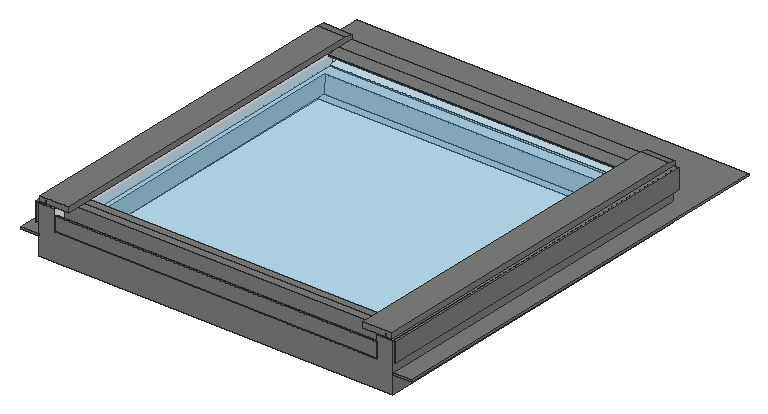
Revit family "GIL_v_2.5", category Windows, host Roof, Revit 2014
Parameters (values of type "GIL size 940x920 (PK34)")
  g-value = "0.48"
  Youtube clip = ""
  Within Standard Sizes = or(and(Width = 780.000 mm, Height = 920.000 mm), and(Width = 940.000 mm, Height = 920.000 mm), and(Width = 1140.000 mm, Height = 920.000 mm), and(Width = 1340.000 mm, Height = 920.000 mm), and(Width = 1340.000 mm, Height = 920.000 mm))  # yes
  WindowArea m² = 0.8648
  Width = 940.000 mm
  Water Tightness Class = "9A"
  WarrantyStartDate = ""
  WarrantyGuarantorParts = ""
  WarrantyGuarantorLabour = ""
  WarrantyDurationParts = ""
  WarrantyDurationLabour = ""
  WarrantyDescription = ""
  Warranty Years = "5 (10 with BDX)"
  VELUX Internal accessories = ""
  VELUX Installation products = ""
  VELUX Flashing = ""
  VELUX External accessories = ""
  Ultraviolet Transmittance = "0.05"
  URL = "www.velux.com"
  ThermalTransmittance(window) W/(m²K) = 1.2
  ThermalTransmittance(glazing) W/(m²K) = 1
  ThermalTransmittance(frame) W/m²K = 1.3
  ThermalTransmittance = "1.3"
  ThermalBridge(glazing) W/mK = 0.057
  ThermalBridge(Installation) W/mK = 0.09
  Thermal Resistance (R) = 0.833333 (m²·K)/W
  Technical description = ""
  TagNumber = ""
  SustainabilityPerformance = ""
  Square Reveal Length = 100.000 mm
  Specification Link = ""
  Sound Insulation db = 35
  SmokeStop = no
  Size = "GIL size 940x920 (PK34)"
  Shape = ""
  ServiceLifeType = ""
  ServiceLifeDuration = ""
  SerialNumber = ""
  SecurityRating = ""
  Roof Slope = 45.00°
  ReplacementCost = ""
  ReferenceStandard = "www.velux.com/ce"
  Reference = ""
  ProductionYear = ""
  Product certification = "www.velux.com/ce"
  Process = ""
  Placement Height = 0.000 mm
  PerimeterWindow m = 3.72
  PerimeterGlazing m = 2.9746
  Other VELUX accessories = ""
  Operation Mode = "Fixed"
  Offset from Roof = Placement Height + 116.000 mm  # 116.000 mm
  NominalWidth = "940"
  NominalLength = ""
  NominalHeight = "920"
  ModelReference = "GIL size 940x920 (PK34)"
  ModelLabel = ""
  Model = "New Generation - GIU"
  MethodOfMeasurement = ""
  Material Internal = Polyurethane color NCS 0500-N
  Material External = Aluminium. Color NCS 7500-N
  Material = "Aluminium. Color NCS 7500-N"
  Manufacturer URL = "VELUX A/S"
  Manufacturer = "VELUX A/S"  # constant formula
  Light transmittance = "0.71"
  LifeCyclePhase = ""
  Labeling - Environmental impact = ""
  IsExternal = yes
  InstallationDate = ""
  Installation instructions = "http://www.velux.co.uk/professional/products/installation-instructions"
  Infiltration = ""
  Height = 920.000 mm
  Grade = ""
  GlazingAreaFraction = ""
  Glazing = Standard, laminted, solar gain, low energy (--73)
  GlassArea m² = 0.56
  Function = "Fixed roof window"
  FrameArea m² = 0.3048
  FireRating = "E"
  Finish = "Clear laqure or white paint color NCS 0500-N"
  Features = "Fixed roof window"
  Emergency Exit = 1 > 2  # no
  Documentation = ""
  DocumentReference = ""
  Disclaimer = "When installing VELUX roof windows the costumer must make sure to meet local applicable building and fire requirements. VELUX shall not be liable for the objects/drawings and the constructional quality of the installation. Please contact VELUX for technical specifications of VELUX roof windows, flashings, installations products and internal/external accessories."
  Description = "http://www.velux.co.uk/products/roof-windows/combining-roof-windows "
  Date of publishing = ""
  Count = "1"
  Cost = 0
  Copyright = "VELUX A/S"  # constant formula
  Constituents = ""
  Colour = "Aluminium. Color NCS 7500-N"
  CodePerformance = ""
  BarCode = ""
  AssetIdentifier = ""
  Assembly Code = "B3020110"
  Apron Visible [instance] = yes
  Apron Material = Two layers of aluminium
  Angled opening bottom [instance] = 90.00°
  Allowed Roof Slope = "15°-90°"
  Air permeability Class = "4"
  AcousticRating = "35"
  AccessibilityPerformance = ""
  2d details = "http://www.velux.co.uk/professional/products/cad-bim/product-sectional-drawings/package-drawings"
Types (4, lengths in mm): name | WindowArea m² | Width | Size | PerimeterWindow m | PerimeterGlazing m | NominalWidth | ModelReference | GlassArea m² | FrameArea m² | Description
  GIL size 940x920 (PK34) | 0.8648 | 940.000 | "GIL size 940x920 (PK34)" | 3.72 | 2.9746 | "940" | "GIL size 940x920 (PK34)" | 0.56 | 0.3048 | "http://www.velux.co.uk/products/roof-windows/combining-roof-windows "
  GIL size 780x920 (MK34) | 0.7176 | 780.000 | "GIL size 780x920 (MK34)" | 3.4 | 2.6546 | "780" | "GIL size 780x920 (MK34)" | 0.44 | 0.2776 | "http://www.velux.co.uk/products/roof-windows/combining-roof-windows"
  GIL size 1340x920 (UK34) | 1.2328 | 1340.000 | "GIL size 1340x920 (UK34)" | 4.52 | 3.7746 | "1340" | "GIL size 1340x920 (UK34)" | 0.85 | 0.3828 | "http://www.velux.co.uk/products/roof-windows/combining-roof-windows"
  GIL size 1140x920 (SK34) | 1.0488 | 1140.000 | "GIL size 1140x920 (SK34)" | 4.12 | 3.3746 | "1140" | "GIL size 1140x920 (SK34)" | 0.7 | 0.3488 | "http://www.velux.co.uk/products/roof-windows/combining-roof-windows"
Reference planes
  plane 1 "Center (Front/Back)": y = 0
  plane 2 "Roof": z = 3997.4
  plane 3 "Center (Left/Right)": x = 0
  plane 4: y = -474.63
  plane 5: y = 474.63
  plane 6: z = 4397.4
  plane 7: x = 428
  plane 8: x = -428
  plane 9: x = -470
  plane 10: x = 470
  plane 11: z = 4547.4
  plane 12: x = -378
  plane 13: x = 378
  plane 14: x = -368
  plane 15: x = 368
  plane 16: x = 439
  plane 17: x = -439
  plane 18: x = 417
  plane 19: x = -417
  plane 20: x = 459
  plane 21: x = -459
  plane 22: y = -414.63
  plane 23: y = -351.13
  plane 24: y = -361.13
  plane 25: y = -392.23
  plane 26 "A": y = 494.63
  plane 27 "Glass bottom": y = 399.63
  plane 28: x = -394.5
  plane 29: x = 394.5
  plane 30: z = 4447.4
  plane 31: z = 4572.4
  plane 32: x = -490
  plane 33: x = 490
  plane 34 "Roof Face": z = 4497.4
  plane 35: y = -485.13
  plane 36: y = -351.13
  plane 37: y = -396.33
  plane 38: y = -477.53
  plane 39: y = 505.37
  plane 40: y = -448.43
  plane 41 "Height": y = 494.37
  plane 42: x = 442.697
  plane 43: x = -442.697
  plane 44: y = 516.636
  plane 45: y = 516.636
  plane 46: x = 393.9
  plane 47: x = -393.9
  plane 48: x = 393.9
  plane 49: x = -393.9
  plane 50: y = -425.63
  plane 51: y = -425.63
  plane 52: y = -425.63
  plane 53: y = -425.63
  plane 54: y = -425.63
  plane 55: y = -425.63
  plane 56: y = -425.63
  plane 57 "Bottom fine profile": y = 457.79
  plane 58: y = 452.09
  plane 59: y = 452.09
  plane 60: y = 445.03
  plane 61: y = 445.03
  plane 62: y = 445.03
  plane 63: z = 4613.4
  plane 64 "B": y = -425.63
  plane 65: x = 520
Forms (mm)
  Extrusion 1, void
    sketch origin (0, 0, 0) x (0, 1, 0) y (0, 0, 1)
      loop
        line (-625.63, 4497.4) -> (-625.63, 3997.4) -> (494.37, 3997.4) -> (494.37, 4237.837) -> (494.37, 4497.4) -> (-625.63, 4497.4)
    from -442.697 to 442.697
  Extrusion 2, solid, material "Standard, laminted, solar gain, low energy (--73)" <- "Glazing", detail levels fine
    sketch origin (-69.616, -2024.556, 4447.4) x (-1, 0, 0) y (0, 1, 0)
      loop
        line (323.084, 2469.587) -> (-462.316, 2469.587) -> (-462.316, 1673.426) -> (323.084, 1673.426) -> (323.084, 2469.587)
    from -104 to -100
  Sweep 3, solid, material "Aluminium. Color NCS 7500-N" <- "Material External", detail levels medium+fine
    path origin (-69.616, -2024.556, 4447.4) x (-1, 0, 0) y (0, -1, 0)
      loop
        line (358.384, -2529.926) -> (358.384, -1598.926)
    profile origin (-428, 39.87, 4447.4) x (1, 0, 0) y (0, 0, 1)
      loop
        line (-42, 130.2) -> (-42, 3) -> (-5.757, 3) -> (0, 41.5) -> (0, 130.2) -> (-42, 130.2)
  Sweep 4, solid, material "Aluminium. Color NCS 7500-N" <- "Material External", detail levels medium+fine
    path origin (-69.616, -2024.556, 4447.4) x (-1, 0, 0) y (0, -1, 0)
      loop
        line (-497.616, -2529.926) -> (-497.616, -1598.926)
    profile origin (428, 39.87, 4447.4) x (1, 0, 0) y (0, 0, 1)
      loop
        line (0, 130.2) -> (0, 41.5) -> (5.753, 3) -> (42, 3) -> (42, 130.2) -> (0, 130.2)
  Sweep 5, solid, material "Aluminium. Color NCS 7500-N" <- "Material External", detail levels fine
    path origin (-69.616, -2024.556, 4447.4) x (-1, 0, 0) y (0, -1, 0)
      loop
        line (358.384, -1549.926) -> (-497.616, -1549.926)
    profile origin (0, -474.63, 4447.4) x (0, 1, 0) y (0, 0, 1)
      loop
        line (80.161, 131.9) -> (100.161, 131.9) -> (100.161, 133.9) -> (78.161, 133.9) -> (78.161, 96.588)
        arc (78.161, 96.588) -> (72.889, 83.86) -> (60.161, 78.588) r 18
        line (60.161, 78.588) -> (51, 78.588) -> (51, 113.9) -> (49, 113.9) -> (49, 76.588) -> (61.381, 76.588)
        arc (61.381, 76.588) -> (74.66, 82.089) -> (80.161, 95.368) r 18.78
        line (80.161, 95.368) -> (80.161, 131.9)
  Sweep 6, solid, material "Aluminium. Color NCS 7500-N" <- "Material External", detail levels medium+fine
    path origin (-69.616, -2024.556, 4447.4) x (-1, 0, 0) y (0, -1, 0)
      loop
        line (358.384, -2541.693) -> (358.384, -1598.926)
    profile origin (-428, 45.753, 4447.4) x (1, 0, 0) y (0, 0, 1)
      loop
        line (36.2, 148) -> (-39.2, 148) -> (-39.2, 134.036) -> (36.2, 134.036) -> (36.2, 148)
  Sweep 7, solid, material "Aluminium. Color NCS 7500-N" <- "Material External", detail levels medium+fine
    path origin (-69.616, -2024.556, 4447.4) x (-1, 0, 0) y (0, -1, 0)
      loop
        line (389.384, -1549.926) -> (-528.616, -1549.926)
    profile origin (0, -474.63, 4447.4) x (0, 1, 0) y (0, 0, 1)
      loop
        line (49, 74.088) -> (49, 3) -> (60.923, 3) -> (80.161, 32.588) -> (80.161, 74.088) -> (49, 74.088)
  Sweep 8, solid, material "Polyurethane color NCS 0500-N" <- "Material Internal", detail levels fine
    path origin (-69.616, -2024.556, 4447.4) x (-1, 0, 0) y (0, -1, 0)
      loop
        line (358.384, -2499.187) -> (-497.616, -2499.187)
    profile origin (0, 474.63, 4447.4) x (0, 1, 0) y (0, 0, 1)
      loop
        line (-16.841, 58.3) -> (-16.841, 3) -> (19.739, 3) -> (19.739, 104.22) -> (7.118, 101.699) -> (-4.511, 58.3) -> (-16.841, 58.3)
  Sweep 9, solid, material "Polyurethane color NCS 0500-N" <- "Material Internal", detail levels fine
    path origin (-69.616, -2024.556, 4447.4) x (-1, 0, 0) y (0, -1, 0)
      loop
        line (324.284, -2499.187) -> (-463.516, -2499.187)
    profile origin (0, 474.63, 4447.4) x (0, 1, 0) y (0, 0, 1)
      loop
        line (-22.541, 41.488) -> (-22.541, 64) -> (-8.929, 64) -> (1.763, 103.9) -> (-29.6, 103.9) -> (-29.6, 100) -> (-62.361, 100) -> (-49.658, 41.488) -> (-22.541, 41.488)
  Sweep 10, solid, material "Polyurethane color NCS 0500-N" <- "Material Internal", detail levels fine
    path origin (-69.616, -2024.556, 4447.4) x (-1, 0, 0) y (0, -1, 0)
      loop
        line (-508.616, -2476.646) -> (-508.616, -1632.326)
    profile origin (439, 29.93, 4447.4) x (1, 0, 0) y (0, 0, 1)
      loop
        line (-11, 41.5) -> (-11, 129.9) -> (-46.3, 129.9) -> (-46.3, 100) -> (-59, 100) -> (-46.3, 41.5) -> (-11, 41.5)
  Sweep 11, solid, material "Aluminium. Color NCS 7500-N" <- "Material External", detail levels medium+fine
    path origin (-69.616, -2024.556, 4447.4) x (-1, 0, 0) y (0, -1, 0)
      loop
        line (-497.616, -2541.693) -> (-497.616, -1598.926)
    profile origin (428, 45.753, 4447.4) x (1, 0, 0) y (0, 0, 1)
      loop
        line (-36.2, 148) -> (-36.2, 134.036) -> (39.2, 134.036) -> (39.2, 148) -> (-36.2, 148)
  Sweep 12, solid, material "Aluminium. Color NCS 7500-N" <- "Material External", detail levels fine
    path origin (-69.616, -2024.556, 4447.4) x (-1, 0, 0) y (0, -1, 0)
      loop
        line (389.384, -2499.187) -> (-528.616, -2499.187)
    profile origin (0, 474.63, 4447.4) x (0, 1, 0) y (0, 0, 1)
      loop
        line (-38.519, 129) -> (-0.994, 129) -> (-0.994, 123) -> (49.364, 123) -> (49.364, 80) -> (51.364, 80) -> (51.364, 125) -> (1.006, 125) -> (1.006, 131) -> (-38.519, 131) -> (-38.519, 129)
  Extrusion 13, solid, material "Standard, laminted, solar gain, low energy (--73)" <- "Glazing", detail levels fine
    sketch origin (-69.616, -2024.556, 4447.4) x (-1, 0, 0) y (0, 1, 0)
      loop
        line (323.084, 2469.587) -> (-462.316, 2469.587) -> (-462.316, 1673.426) -> (323.084, 1673.426) -> (323.084, 2469.587)
    from -121 to -125
  Sweep 14, solid, material "Aluminium. Color NCS 7500-N" <- "Material External", detail levels fine
    path origin (-69.616, -2024.556, 4447.4) x (-1, 0, 0) y (0, -1, 0)
      loop
        line (358.384, -2541.193) -> (358.384, -1598.926)
    profile origin (-428, 45.503, 4447.4) x (1, 0, 0) y (0, 0, 1)
      loop
        line (-23.952, 131.35) -> (-50.102, 131.35) -> (-50.102, 80.7) -> (-49.102, 80.7) -> (-49.102, 130.35) -> (-22.952, 130.35) -> (-22.952, 140.85) -> (-23.952, 140.85) -> (-23.952, 131.35)
  Sweep 15, solid, material "Aluminium. Color NCS 7500-N" <- "Material External", detail levels fine
    path origin (69.616, -2024.556, 4447.4) x (-1, 0, 0) y (0, -1, 0)
      loop
        line (-358.384, -2541.193) -> (-358.384, -1598.926)
    profile origin (428, 45.503, 4447.4) x (1, 0, 0) y (0, 0, 1)
      loop
        line (23.952, 131.35) -> (23.952, 140.85) -> (22.952, 140.85) -> (22.952, 130.35) -> (49.102, 130.35) -> (49.102, 80.7) -> (50.102, 80.7) -> (50.102, 131.35) -> (23.952, 131.35)
  Extrusion 16, solid, material "Two layers of aluminium" <- "Apron Material", visible <- "Apron Visible", detail levels medium+fine
    sketch origin (0, 0, 4497.4) x (0, 1, 0) y (-1, 0, 0)
      loop
        line (494.37, 470) -> (494.37, -470) -> (-425.63, -470) -> (-425.63, -520) -> (694.37, -520) -> (694.37, 520) -> (-425.63, 520) -> (-425.63, 470) -> (494.37, 470)
    from 0 to 5
  Sweep 17, void
    path origin (-428, 517.136, 4447.4) x (-1, 0, 0) y (0, 0, 1)
      loop
        line (39.2, 148) -> (-36.2, 148)
    profile origin (-429.5, 517.136, 4595.4) x (0, 0, -1) y (0, 1, 0)
      loop
        line (0, 0) -> (0, -20) -> (4, 0) -> (0, 0)
  Sweep 18, void
    path origin (428, 517.136, 4447.4) x (-1, 0, 0) y (0, 0, 1)
      loop
        line (36.2, 148) -> (-39.2, 148)
    profile origin (429.5, 517.136, 4595.4) x (0, 0, -1) y (0, 1, 0)
      loop
        line (0, 0) -> (0, -20) -> (4, 0) -> (0, 0)
  Sweep 19, solid, material "Aluminium. Color NCS 7500-N" <- "Material External", detail levels medium
    path origin (-69.616, -2024.556, 4447.4) x (-1, 0, 0) y (0, -1, 0)
      loop
        line (358.384, -2499.187) -> (-497.616, -2499.187)
    profile origin (0, 474.63, 4447.4) x (0, 1, 0) y (0, 0, 1)
      loop
        line (-16.841, 39.488) -> (-16.841, 3) -> (19.739, 3) -> (19.739, 100) -> (0, 100) -> (0, 39.488) -> (-16.841, 39.488)
  Sweep 20, solid, material "Polyurethane color NCS 0500-N" <- "Material Internal", detail levels medium
    path origin (-69.616, -2024.556, 4447.4) x (-1, 0, 0) y (0, -1, 0)
      loop
        line (324.284, -2499.187) -> (-463.516, -2499.187)
    profile origin (0, 474.63, 4447.4) x (0, 1, 0) y (0, 0, 1)
      loop
        line (-3.9, 41.488) -> (-3.9, 103.9) -> (23.639, 103.9) -> (23.639, 125) -> (1.006, 131) -> (-29.6, 131) -> (-29.6, 100) -> (-62.361, 100) -> (-49.658, 41.488) -> (-3.9, 41.488)
  Extrusion 21, solid, material "Standard, laminted, solar gain, low energy (--73)" <- "Glazing", detail levels coarse+medium
    sketch origin (-69.616, -2024.556, 4447.4) x (-1, 0, 0) y (0, 1, 0)
      loop
        line (323.084, 1673.426) -> (323.084, 2469.587) -> (-462.316, 2469.587) -> (-462.316, 1673.426) -> (323.084, 1673.426)
    from -100 to -125
  Sweep 22, solid, material "Polyurethane color NCS 0500-N" <- "Material Internal", detail levels medium
    path origin (-69.616, -2024.556, 4447.4) x (-1, 0, 0) y (0, -1, 0)
      loop
        line (-508.616, -2499.187) -> (-508.616, -1632.326)
    profile origin (439, 41.2, 4447.4) x (1, 0, 0) y (0, 0, 1)
      loop
        line (-11, 41.5) -> (-11, 129.9) -> (-46.3, 129.9) -> (-46.3, 100) -> (-59, 100) -> (-46.3, 41.5) -> (-11, 41.5)
  Sweep 23, solid, material "Aluminium. Color NCS 7500-N" <- "Material External", detail levels coarse
    path origin (-69.616, -2024.556, 4447.4) x (-1, 0, 0) y (0, -1, 0)
      loop
        line (389.384, -1549.926) -> (-528.616, -1549.926)
    profile origin (0, -474.63, 4447.4) x (0, 1, 0) y (0, 0, 1)
      loop
        line (49, 130.2) -> (49, 41.5) -> (123.4, 41.5) -> (136.1, 100) -> (123.5, 100) -> (123.5, 130.2) -> (49, 130.2)
  Sweep 24, solid, material "Aluminium. Color NCS 7500-N" <- "Material External", detail levels coarse
    path origin (-69.616, -2024.556, 4447.4) x (-1, 0, 0) y (0, -1, 0)
      loop
        line (358.384, -2499.187) -> (-497.616, -2499.187)
    profile origin (0, 474.63, 4447.4) x (0, 1, 0) y (0, 0, 1)
      loop
        line (19.739, 130.2) -> (-29.6, 130.2) -> (-29.6, 100) -> (-62.361, 100) -> (-49.661, 41.5) -> (19.739, 41.5) -> (19.739, 130.2)
  Sweep 25, solid, material "Aluminium. Color NCS 7500-N" <- "Material External", detail levels coarse
    path origin (-69.616, -2024.556, 4447.4) x (-1, 0, 0) y (0, -1, 0)
      loop
        line (358.384, -2518.926) -> (358.384, -1598.926)
    profile origin (-428, 34.37, 4447.4) x (1, 0, 0) y (0, 0, 1)
      loop
        line (-42, 148) -> (-42, 41.5) -> (35.3, 41.5) -> (48, 100) -> (35.3, 100) -> (35.3, 148) -> (-42, 148)
  Sweep 26, solid, material "Aluminium. Color NCS 7500-N" <- "Material External", detail levels coarse
    path origin (-69.616, -2024.556, 4447.4) x (-1, 0, 0) y (0, -1, 0)
      loop
        line (-497.616, -2518.926) -> (-497.616, -1598.926)
    profile origin (428, 34.37, 4447.4) x (1, 0, 0) y (0, 0, 1)
      loop
        line (-35.3, 148) -> (-35.3, 100) -> (-48, 100) -> (-35.3, 41.5) -> (42, 41.5) -> (42, 148) -> (-35.3, 148)
  Sweep 27, solid, material "Polyurethane color NCS 0500-N" <- "Material Internal", detail levels fine
    path origin (-69.616, -2024.556, 4447.4) x (-1, 0, 0) y (0, -1, 0)
      loop
        line (369.384, -2476.646) -> (369.384, -1632.326)
    profile origin (-439, 29.93, 4447.4) x (1, 0, 0) y (0, 0, 1)
      loop
        line (46.3, 100) -> (46.3, 129.9) -> (11, 129.9) -> (11, 41.5) -> (46.3, 41.5) -> (59, 100) -> (46.3, 100)
  Sweep 28, solid, material "Polyurethane color NCS 0500-N" <- "Material Internal", detail levels fine
    path origin (-69.616, -2024.556, 4447.4) x (-1, 0, 0) y (0, -1, 0)
      loop
        line (358.384, -1628.226) -> (-497.616, -1628.226)
    profile origin (0, -396.33, 4447.4) x (0, 1, 0) y (0, 0, 1)
      loop
        line (45.1, 100) -> (45.1, 129.9) -> (4.1, 129.9) -> (4.1, 41.5) -> (45.1, 41.5) -> (57.8, 100) -> (45.1, 100)
  Sweep 29, solid, material "Polyurethane color NCS 0500-N" <- "Material Internal", detail levels medium
    path origin (-69.616, -2024.556, 4447.4) x (-1, 0, 0) y (0, -1, 0)
      loop
        line (369.384, -2499.187) -> (369.384, -1632.326)
    profile origin (-439, 41.2, 4447.4) x (1, 0, 0) y (0, 0, 1)
      loop
        line (46.3, 100) -> (46.3, 129.9) -> (11, 129.9) -> (11, 41.5) -> (46.3, 41.5) -> (59, 100) -> (46.3, 100)
  Sweep 30, solid, material "Polyurethane color NCS 0500-N" <- "Material Internal", detail levels medium
    path origin (-69.616, -2024.556, 4447.4) x (-1, 0, 0) y (0, -1, 0)
      loop
        line (358.384, -1628.226) -> (-497.616, -1628.226)
    profile origin (0, -396.33, 4447.4) x (0, 1, 0) y (0, 0, 1)
      loop
        line (45.1, 100) -> (45.1, 129.9) -> (4.1, 129.9) -> (4.1, 41.5) -> (45.1, 41.5) -> (57.8, 100) -> (45.1, 100)
  Extrusion 31, solid, material "Aluminium. Color NCS 7500-N" <- "Material External", detail levels medium
    sketch origin (-428, 457.79, 4450.4) x (1, 0, 0) y (0, 0, 1)
      loop
        line (856, 38.5) -> (856, 0) -> (861.753, 0) -> (856, 38.5)
    from 0 to -36.58
  Extrusion 32, solid, material "Polyurethane color NCS 0500-N" <- "Material Internal", detail levels fine
    sketch origin (-428, 457.79, 4450.4) x (1, 0, 0) y (0, 0, 1)
      loop
        line (856, 38.5) -> (856, 0) -> (861.753, 0) -> (856, 38.5)
    from 0 to -36.58
  Extrusion 33, solid, material "Aluminium. Color NCS 7500-N" <- "Material External", detail levels medium
    sketch origin (-428, 457.79, 4450.4) x (1, 0, 0) y (0, 0, 1)
      loop
        line (-5.757, 0) -> (0, 0) -> (0, 38.5) -> (-5.757, 0)
    from 0 to -36.58
  Extrusion 34, solid, material "Polyurethane color NCS 0500-N" <- "Material Internal", detail levels fine
    sketch origin (-428, 457.79, 4450.4) x (1, 0, 0) y (0, 0, 1)
      loop
        line (-5.757, 0) -> (0, 0) -> (0, 38.5) -> (-5.757, 0)
    from 0 to -36.58
Cuts and joins
  Sweep 17, Sweep 18 cuts Sweep 3
  Sweep 17, Sweep 18 cuts Sweep 4
  Sweep 17, Sweep 18 cuts Sweep 7
  joined: Sweep 3, Sweep 4, Sweep 7
  Sweep 17 cuts Sweep 6
  Sweep 18 cuts Sweep 11
  Sweep 17, Sweep 18 cuts Sweep 5
  joined: Sweep 23, Sweep 24, Sweep 25, Sweep 26
  joined: Sweep 19, Extrusion 31, Extrusion 33
  joined: Sweep 20, Sweep 22, Sweep 29, Sweep 30
  joined: Sweep 9, Sweep 10, Sweep 27, Sweep 28
  joined: Sweep 8, Extrusion 32, Extrusion 34
Lines and regions (mm)
  reference lines
    curve 1: line (0, 494.37, 4397.4) -> (0, 494.37, 4122.4)
Dimensions and locks
  equal spacing: host sketch curve, plane 3 "Center (Left/Right)", host sketch curve
  equal spacing: host sketch curve, plane 1 "Center (Front/Back)", host sketch curve
  equal spacing: plane 8, plane 3 "Center (Left/Right)", plane 7
  "Width": plane 9 to plane 10
  equal spacing: plane 5, plane 1 "Center (Front/Back)", plane 4
  locked: plane 9 to plane 8 at 42
  locked: plane 7 to plane 10 at 42
  locked: plane 13 to plane 7 at 50
  locked: plane 8 to plane 12 at 50
  locked: plane 12 to plane 14 at 10
  locked: plane 15 to plane 13 at 10
  locked: plane 7 to plane 16 at 11
  locked: plane 17 to plane 8 at 11
  locked: plane 18 to plane 7 at 11
  locked: plane 8 to plane 19 at 11
  locked: plane 20 to plane 10 at 11
  locked: plane 9 to plane 21 at 11
  locked: plane 11 to plane 30 at 100
  plane 23 to plane 22 to plane 4 = 63.500 mm locked, 60.000 mm locked
  locked: plane 24 to plane 23 at 10
  locked: plane 22 to plane 25 at 22.4
  plane 5 to plane 27 "Glass bottom" = 75.000 mm
  locked: plane 26 "A" to plane 5 at 20
  locked: plane 29 to plane 13 at 16.5
  locked: plane 12 to plane 28 at 16.5
  locked: plane 31 to plane 11 at 25
  locked: plane 33 to plane 10 at 20
  locked: plane 9 to plane 32 at 20
  locked: host roof to plane 34 "Roof Face" at 0
  locked: plane 4 to plane 35 at 10.5
  locked: plane 36 to plane 35 at 134
  locked: plane 37 to plane 22 at 18.3
  locked: plane 4 to plane 38 at 2.9
  plane 8 to plane 32 = 62.000 mm
  plane 33 to plane 7 = 62.000 mm
  locked: plane 40 to plane 4 at 26.2
  locked: plane 39 to plane 5 at 30.739
  "Height": plane 41 "Height" to plane 64 "B"
  locked: plane 41 "Height" to Extrusion 16 sketch curve at 200
  locked: plane 39 to plane 41 "Height" at 11
  locked: plane 43 to plane 17 at 3.697
  locked: plane 42 to plane 16 at 3.697
  locked: plane 28 to Extrusion 21 sketch curve at 1.8
  locked: Extrusion 21 sketch curve to plane 29 at 1.8
  locked: Extrusion 13 sketch curve to plane 29 at 1.8
  locked: plane 28 to Extrusion 13 sketch curve at 1.8
  locked: plane 28 to Extrusion 2 sketch curve at 1.8
  locked: Extrusion 2 sketch curve to plane 29 at 1.8
  locked: plane 44 to plane 39 at 11.267
  locked: plane 45 to plane 39 at 11.267
  locked: plane 46 to plane 29 at 0.6
  locked: plane 28 to plane 47 at 0.6
  locked: plane 48 to plane 29 at 0.6
  locked: plane 28 to plane 49 at 0.6
  locked: Extrusion 16 sketch curve to plane 9 at 50
  locked: plane 10 to Extrusion 16 sketch curve at 50
  plane 50 to plane 40 = 22.800 mm
  locked: plane 51 to plane 40 at 22.8
  locked: plane 52 to plane 40 at 22.8
  locked: plane 53 to plane 40 at 22.8
  locked: plane 54 to plane 40 at 22.8
  locked: plane 55 to plane 40 at 22.8
  locked: plane 40 to plane 56 at 22.8
  locked: plane 57 "Bottom fine profile" to plane 41 "Height" at 36.58
  locked: plane 58 to plane 57 "Bottom fine profile" at 5.7
  locked: plane 59 to plane 57 "Bottom fine profile" at 5.7
  locked: plane 60 to plane 27 "Glass bottom" at 45.4
  locked: plane 61 to plane 27 "Glass bottom" at 45.4
  locked: plane 62 to plane 27 "Glass bottom" at 45.4
  locked: Extrusion 1 sketch curve to plane 40 at 177.2
  locked: plane 64 "B" to plane 22 at 11
  locked: plane 7 to plane 65 at 92
  "Square Reveal Length": plane 34 "Roof Face" to plane 6
  locked: plane 30 to plane 63 at 166
  "Offset from Roof": plane 34 "Roof Face" to plane 63
  "Angled opening bottom": angle curve 1 to plane 6
  aligned and locked: level to plane 2 "Roof"
  aligned: plane 7 to Extrusion 1
  aligned: Extrusion 1 to plane 8
  aligned and locked: plane 11 to Extrusion 2
  aligned and locked: plane 8 to Sweep 3 sketch curve
  aligned and locked: Sweep 4 sketch curve to plane 7
  aligned and locked: Sweep 5 sketch curve to plane 4
  aligned and locked: plane 8 to Sweep 6 sketch curve
  aligned and locked: Sweep 7 sketch curve to plane 4
  aligned and locked: plane 20 to Sweep 7 sketch curve
  aligned and locked: plane 21 to Sweep 7 sketch curve
  aligned and locked: Sweep 8 sketch curve to plane 5
  aligned and locked: Sweep 9 sketch curve to plane 5
  aligned and locked: plane 16 to Sweep 10 sketch curve
  aligned and locked: host roof to Extrusion 1 sketch curve
  aligned and locked: Extrusion 1 sketch curve to host roof
  aligned and locked: Sweep 11 sketch curve to plane 7
  aligned and locked: plane 5 to Sweep 12 sketch curve
  aligned and locked: plane 20 to Sweep 12 sketch curve
  aligned and locked: plane 21 to Sweep 12 sketch curve
  aligned and locked: Sweep 14 sketch curve to plane 8
  aligned and locked: Sweep 15 sketch curve to plane 7
  aligned and locked: Sweep 17 sketch curve to Sweep 6  (x2)
  aligned and locked: Sweep 6 to Sweep 17 sketch curve
  aligned and locked: Sweep 18 sketch curve to Sweep 11  (x2)
  aligned and locked: Sweep 11 to Sweep 18 sketch curve
  aligned and locked: Extrusion 16 sketch curve to plane 9
  aligned and locked: Extrusion 16 sketch curve to plane 10
  aligned and locked: Sweep 8 sketch curve to plane 41 "Height"
  aligned and locked: Extrusion 16 sketch curve to plane 41 "Height"
  aligned and locked: plane 43 to Extrusion 1
  aligned and locked: plane 42 to Extrusion 1
  aligned and locked: Extrusion 13 sketch curve to plane 36
  aligned and locked: Extrusion 2 sketch curve to plane 36
  aligned and locked: Sweep 19 sketch curve to plane 5
  aligned and locked: plane 8 to Sweep 19 sketch curve
  aligned and locked: plane 7 to Sweep 19 sketch curve
  aligned and locked: Sweep 20 sketch curve to plane 5
  aligned and locked: plane 36 to Extrusion 21 sketch curve
  aligned and locked: plane 44 to Sweep 15 sketch curve
  aligned and locked: plane 45 to Sweep 14 sketch curve
  aligned and locked: plane 46 to Sweep 20 sketch curve
  aligned and locked: plane 47 to Sweep 20 sketch curve
  aligned and locked: Sweep 9 sketch curve to plane 49
  aligned and locked: plane 48 to Sweep 9 sketch curve
  aligned and locked: Sweep 22 sketch curve to plane 16
  aligned and locked: plane 5 to Sweep 22 sketch curve
  aligned and locked: plane 7 to Sweep 5 sketch curve
  aligned and locked: plane 8 to Sweep 5 sketch curve
  aligned and locked: Sweep 23 sketch curve to plane 4
  aligned and locked: plane 20 to Sweep 23 sketch curve
  aligned and locked: plane 21 to Sweep 23 sketch curve
  aligned and locked: Sweep 24 sketch curve to plane 5
  aligned and locked: plane 7 to Sweep 24 sketch curve
  aligned and locked: plane 8 to Sweep 24 sketch curve
  aligned and locked: Sweep 25 sketch curve to plane 8
  aligned and locked: Sweep 26 sketch curve to plane 7
  aligned and locked: plane 41 "Height" to Sweep 26 sketch curve
  aligned and locked: plane 41 "Height" to Sweep 25 sketch curve
  aligned and locked: plane 7 to Sweep 28 sketch curve
  aligned and locked: plane 8 to Sweep 28 sketch curve
  aligned and locked: Sweep 27 sketch curve to plane 17
  aligned and locked: plane 37 to Sweep 28 sketch curve
  aligned and locked: plane 25 to Sweep 27 sketch curve
  aligned and locked: plane 25 to Sweep 10 sketch curve
  aligned and locked: plane 37 to Sweep 30 sketch curve
  aligned and locked: plane 7 to Sweep 30 sketch curve
  aligned and locked: plane 8 to Sweep 30 sketch curve
  aligned and locked: Sweep 29 sketch curve to plane 17
  aligned and locked: plane 5 to Sweep 29 sketch curve
  aligned and locked: plane 25 to Sweep 29 sketch curve
  aligned and locked: plane 25 to Sweep 22 sketch curve
  aligned and locked: plane 50 to Sweep 4 sketch curve
  aligned and locked: plane 51 to Sweep 3 sketch curve
  aligned and locked: plane 52 to Extrusion 16 sketch curve  (x2)
  aligned and locked: plane 53 to Sweep 25 sketch curve
  aligned and locked: plane 54 to Sweep 26 sketch curve
  aligned and locked: plane 55 to Sweep 11 sketch curve
  aligned and locked: plane 56 to Sweep 6 sketch curve
  aligned and locked: plane 58 to Sweep 10 sketch curve
  aligned and locked: plane 59 to Sweep 27 sketch curve
  aligned and locked: Extrusion 21 sketch curve to plane 60
  aligned and locked: Extrusion 13 sketch curve to plane 61
  aligned and locked: Extrusion 2 sketch curve to plane 62
  aligned and locked: curve 1 to Extrusion 1 sketch curve
  aligned and locked: Extrusion 1 sketch curve to plane 41 "Height"
  aligned and locked: plane 64 "B" to Sweep 14 sketch curve
  aligned and locked: plane 64 "B" to Sweep 15 sketch curve
Automatic sketch dimensions
  Sweep 6 sketch curve to plane 26 "A" = 22.506 mm
  Sweep 8 sketch curve to plane 7 = 0.000 mm
  Sweep 8 sketch curve to plane 8 = 0.000 mm
  Sweep 11 sketch curve to plane 26 "A" = 22.506 mm
  Sweep 3 sketch curve to plane 26 "A" = 10.739 mm
  Sweep 4 sketch curve to plane 26 "A" = 10.739 mm
  Sweep 5 sketch curve to profile plane = 49.000 mm
  Sweep 5 sketch curve to Sweep 5 sketch curve = 2.000 mm  (x4)
  Sweep 5 sketch curve to Sweep 5 sketch curve = 9.161 mm
  Sweep 5 sketch curve to Sweep 5 sketch curve = 1.220 mm
  Sweep 5 sketch curve to Sweep 5 sketch curve = 27.161 mm
  Sweep 5 sketch curve to Sweep 5 sketch curve = 20.000 mm
  profile plane to Sweep 5 sketch curve = 76.588 mm
  Sweep 5 sketch curve to Sweep 5 sketch curve = 17.312 mm
  Sweep 5 sketch curve to Sweep 5 sketch curve = 35.312 mm
  profile plane to Sweep 6 sketch curve = 39.200 mm
  Sweep 6 sketch curve to profile plane = 36.200 mm
  profile plane to Sweep 6 sketch curve = 134.036 mm
  Sweep 6 sketch curve to Sweep 6 sketch curve = 13.964 mm
  Sweep 8 sketch curve to profile plane = 7.118 mm
  Sweep 8 sketch curve to Sweep 8 sketch curve = 0.000 mm
  profile plane to Sweep 8 sketch curve = 4.511 mm
  Sweep 8 sketch curve to Sweep 8 sketch curve = 12.330 mm
  profile plane to Sweep 8 sketch curve = 58.300 mm
  Sweep 8 sketch curve to Sweep 8 sketch curve = 43.399 mm
  Sweep 8 sketch curve to Sweep 8 sketch curve = 2.521 mm
  profile plane to Sweep 11 sketch curve = 36.200 mm
  Sweep 11 sketch curve to profile plane = 39.200 mm
  profile plane to Sweep 11 sketch curve = 134.036 mm
  Sweep 11 sketch curve to Sweep 11 sketch curve = 13.964 mm
  profile plane to Sweep 12 sketch curve = 38.519 mm
  profile plane to Sweep 12 sketch curve = 0.994 mm
  Sweep 12 sketch curve to profile plane = 1.006 mm
  Sweep 12 sketch curve to Sweep 12 sketch curve = 48.358 mm
  Sweep 12 sketch curve to Sweep 12 sketch curve = 2.000 mm  (x2)
  profile plane to Sweep 12 sketch curve = 80.000 mm
  Sweep 12 sketch curve to Sweep 12 sketch curve = 43.000 mm
  Sweep 12 sketch curve to Sweep 12 sketch curve = 6.000 mm
  Sweep 12 sketch curve to Sweep 12 sketch curve = 4.000 mm
  profile plane to Sweep 14 sketch curve = 50.102 mm
  Sweep 14 sketch curve to Sweep 14 sketch curve = 1.000 mm  (x3)
  profile plane to Sweep 14 sketch curve = 23.952 mm
  Sweep 14 sketch curve to plane 30 = 80.700 mm
  Sweep 14 sketch curve to Sweep 14 sketch curve = 49.650 mm
  Sweep 14 sketch curve to Sweep 14 sketch curve = 9.500 mm
  Sweep 15 sketch curve to profile plane = 22.952 mm
  Sweep 15 sketch curve to Sweep 15 sketch curve = 1.000 mm  (x3)
  Sweep 15 sketch curve to profile plane = 49.102 mm
  Sweep 15 sketch curve to plane 30 = 80.700 mm
  Sweep 15 sketch curve to Sweep 15 sketch curve = 49.650 mm
  Sweep 15 sketch curve to Sweep 15 sketch curve = 9.500 mm
  Sweep 17 sketch curve to profile plane = 0.000 mm  (x2)
  Sweep 17 sketch curve to profile plane = 4.000 mm
  Sweep 17 sketch curve to profile plane = 20.000 mm
  Sweep 18 sketch curve to profile plane = 0.000 mm  (x2)
  Sweep 18 sketch curve to profile plane = 4.000 mm
  Sweep 18 sketch curve to profile plane = 20.000 mm
  Sweep 19 sketch curve to profile plane = 0.000 mm
  Sweep 19 sketch curve to Sweep 19 sketch curve = 16.841 mm
  Sweep 19 sketch curve to profile plane = 19.739 mm
  Sweep 19 sketch curve to plane 30 = 39.488 mm
  Sweep 19 sketch curve to Sweep 19 sketch curve = 60.512 mm
  profile plane to Sweep 20 sketch curve = 49.658 mm
  profile plane to Sweep 20 sketch curve = 29.600 mm
  profile plane to Sweep 20 sketch curve = 3.900 mm
  Sweep 20 sketch curve to profile plane = 1.006 mm
  Sweep 20 sketch curve to Sweep 20 sketch curve = 22.633 mm
  Sweep 20 sketch curve to Sweep 20 sketch curve = 58.512 mm
  Sweep 20 sketch curve to Sweep 20 sketch curve = 3.900 mm
  Sweep 20 sketch curve to Sweep 20 sketch curve = 21.100 mm
  Sweep 20 sketch curve to Sweep 20 sketch curve = 6.000 mm
  Sweep 23 sketch curve to plane 30 = 41.500 mm
  Sweep 23 sketch curve to profile plane = 49.000 mm
  Sweep 23 sketch curve to Sweep 23 sketch curve = 74.400 mm
  Sweep 23 sketch curve to plane 30 = 130.200 mm
  Sweep 22 sketch curve to plane 5 = 0.000 mm
  profile plane to Sweep 7 sketch curve = 3.000 mm
  Sweep 7 sketch curve to Sweep 7 sketch curve = 19.238 mm
  profile plane to Sweep 7 sketch curve = 32.588 mm
  Sweep 7 sketch curve to Sweep 7 sketch curve = 41.500 mm
  Sweep 7 sketch curve to Sweep 7 sketch curve = 11.923 mm
  Sweep 7 sketch curve to profile plane = 49.000 mm
  Sweep 19 sketch curve to plane 30 = 3.000 mm
  profile plane to Sweep 8 sketch curve = 3.000 mm
  Extrusion 31 sketch curve to Extrusion 31 sketch curve = 5.753 mm
  Extrusion 31 sketch curve to Sweep 8 = 16.800 mm
  Sweep 8 to Extrusion 31 sketch curve = 0.000 mm
  Extrusion 31 sketch curve to Sweep 8 = 0.000 mm
  Extrusion 32 sketch curve to Sweep 8 = 0.000 mm
  Sweep 8 to Extrusion 32 sketch curve = 0.000 mm
  Extrusion 32 sketch curve to Extrusion 32 sketch curve = 5.753 mm
  Extrusion 32 sketch curve to Sweep 8 = 16.800 mm
  Extrusion 33 sketch curve to Sweep 19 = 0.000 mm  (x2)
  Extrusion 33 sketch curve to Sweep 19 = 5.757 mm
  Sweep 19 to Extrusion 33 sketch curve = 2.012 mm
  Extrusion 34 sketch curve to Sweep 19 = 0.000 mm  (x2)
  Extrusion 34 sketch curve to Sweep 19 = 5.757 mm
  Sweep 19 to Extrusion 34 sketch curve = 2.012 mm
  profile plane to Sweep 4 sketch curve = 0.000 mm
  Sweep 4 sketch curve to Sweep 4 sketch curve = 42.000 mm
  Sweep 4 sketch curve to Sweep 4 sketch curve = 88.700 mm
  Sweep 4 sketch curve to profile plane = 5.753 mm
  profile plane to Sweep 4 sketch curve = 3.000 mm
  Sweep 4 sketch curve to Sweep 4 sketch curve = 38.500 mm
  profile plane to Sweep 3 sketch curve = 42.000 mm
  profile plane to Sweep 3 sketch curve = 3.000 mm
  profile plane to Sweep 3 sketch curve = 5.757 mm
  Sweep 3 sketch curve to profile plane = 0.000 mm
  Sweep 3 sketch curve to Sweep 3 sketch curve = 88.700 mm
  Sweep 3 sketch curve to Sweep 3 sketch curve = 38.500 mm
  profile plane to Sweep 9 sketch curve = 49.658 mm
  profile plane to Sweep 9 sketch curve = 22.541 mm
  profile plane to Sweep 9 sketch curve = 8.929 mm
  Sweep 9 sketch curve to profile plane = 1.763 mm
  Sweep 9 sketch curve to Sweep 9 sketch curve = 22.512 mm
  Sweep 9 sketch curve to Sweep 9 sketch curve = 58.512 mm
  Sweep 9 sketch curve to Sweep 9 sketch curve = 39.900 mm
  Sweep 29 sketch curve to profile plane = 11.000 mm
  Sweep 29 sketch curve to Sweep 29 sketch curve = 35.300 mm  (x2)
  Sweep 29 sketch curve to Sweep 29 sketch curve = 12.700 mm
  Sweep 29 sketch curve to plane 30 = 41.500 mm
  Sweep 29 sketch curve to Sweep 29 sketch curve = 29.900 mm
  Sweep 29 sketch curve to Sweep 29 sketch curve = 58.500 mm
  Sweep 27 sketch curve to profile plane = 11.000 mm
  Sweep 27 sketch curve to Sweep 27 sketch curve = 35.300 mm  (x2)
  Sweep 27 sketch curve to Sweep 27 sketch curve = 12.700 mm
  Sweep 27 sketch curve to plane 30 = 100.000 mm
  Sweep 27 sketch curve to Sweep 27 sketch curve = 29.900 mm
  Sweep 27 sketch curve to plane 30 = 41.500 mm
  profile plane to Sweep 22 sketch curve = 59.000 mm
  profile plane to Sweep 22 sketch curve = 46.300 mm
  profile plane to Sweep 22 sketch curve = 11.000 mm
  Sweep 22 sketch curve to plane 30 = 41.500 mm
  Sweep 22 sketch curve to Sweep 22 sketch curve = 58.500 mm
  Sweep 22 sketch curve to Sweep 22 sketch curve = 29.900 mm
  Sweep 22 sketch curve to Sweep 22 sketch curve = 12.700 mm
  profile plane to Sweep 10 sketch curve = 59.000 mm
  profile plane to Sweep 10 sketch curve = 46.300 mm
  profile plane to Sweep 10 sketch curve = 11.000 mm
  profile plane to Sweep 10 sketch curve = 41.500 mm
  Sweep 10 sketch curve to Sweep 10 sketch curve = 58.500 mm
  Sweep 10 sketch curve to Sweep 10 sketch curve = 29.900 mm
  Sweep 10 sketch curve to Sweep 10 sketch curve = 12.700 mm
  profile plane to Sweep 26 sketch curve = 48.000 mm
  profile plane to Sweep 26 sketch curve = 35.300 mm  (x2)
  Sweep 26 sketch curve to profile plane = 42.000 mm
  Sweep 26 sketch curve to plane 30 = 41.500 mm
  Sweep 26 sketch curve to Sweep 26 sketch curve = 58.500 mm
  Sweep 26 sketch curve to Sweep 26 sketch curve = 48.000 mm
  profile plane to Sweep 25 sketch curve = 42.000 mm
  Sweep 25 sketch curve to profile plane = 35.300 mm  (x2)
  Sweep 25 sketch curve to Sweep 25 sketch curve = 12.700 mm
  Sweep 25 sketch curve to plane 30 = 41.500 mm
  Sweep 25 sketch curve to Sweep 25 sketch curve = 48.000 mm
  Sweep 25 sketch curve to Sweep 25 sketch curve = 58.500 mm
  Sweep 28 sketch curve to profile plane = 4.100 mm
  Sweep 28 sketch curve to Sweep 28 sketch curve = 41.000 mm  (x2)
  Sweep 28 sketch curve to Sweep 28 sketch curve = 12.700 mm
  Sweep 28 sketch curve to plane 30 = 100.000 mm
  Sweep 28 sketch curve to Sweep 28 sketch curve = 58.500 mm
  Sweep 28 sketch curve to Sweep 28 sketch curve = 29.900 mm
  Sweep 30 sketch curve to profile plane = 4.100 mm
  Sweep 30 sketch curve to Sweep 30 sketch curve = 41.000 mm  (x2)
  Sweep 30 sketch curve to Sweep 30 sketch curve = 12.700 mm
  Sweep 30 sketch curve to plane 30 = 100.000 mm
  Sweep 30 sketch curve to Sweep 30 sketch curve = 58.500 mm
  Sweep 30 sketch curve to Sweep 30 sketch curve = 29.900 mm
  Sweep 23 sketch curve to Sweep 23 sketch curve = 12.600 mm
  Sweep 23 sketch curve to Sweep 23 sketch curve = 30.200 mm
  Sweep 23 sketch curve to Sweep 23 sketch curve = 74.500 mm
  profile plane to Sweep 24 sketch curve = 62.361 mm
  Sweep 24 sketch curve to plane 30 = 41.500 mm
  Sweep 24 sketch curve to profile plane = 19.739 mm
  Sweep 24 sketch curve to Sweep 24 sketch curve = 58.500 mm
  Sweep 24 sketch curve to Sweep 24 sketch curve = 30.200 mm
  Sweep 24 sketch curve to Sweep 24 sketch curve = 12.700 mm
  Sweep 24 sketch curve to Sweep 24 sketch curve = 32.761 mm
  Sweep 20 sketch curve to plane 30 = 41.488 mm
  Sweep 20 sketch curve to Sweep 20 sketch curve = 32.761 mm
  profile plane to Sweep 9 sketch curve = 41.488 mm
  Sweep 9 sketch curve to Sweep 9 sketch curve = 12.703 mm
  Sweep 9 sketch curve to Sweep 9 sketch curve = 32.761 mm
  curve 1 to plane 41 "Height" = 0.000 mm
  plane 6 to curve 1 = 0.000 mm
